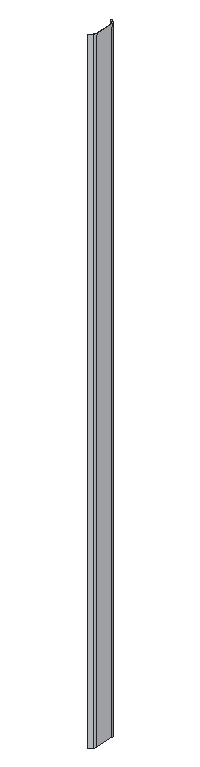
Revit family "SC_SigmaEspecial", category Structural Columns, Revit 2022
Family settings
  Section Shape = Not Defined
  Material for Model Behavior = Steel
  Always export as geometry = No
  Beam cutback in plan = From bounding box
  Cut with Voids When Loaded = No
  Symbolic Representation = From Project Settings
  Shared = No
  Show family pre-cut in plan views = Yes
Parameters (values of type "Sigma 250")
  e = 3 mm
  Structural Material [instance] = ASTM A36
  Assembly Code = ""
  D = 20 mm
  R = 8 mm
Reference planes
  plane 1: y = 0
  plane 2: z = 0
  plane 3: x = 0
Forms (mm)
  Sweep 1, solid
    path origin (0, 0, 0) x (-1, 0, 0) y (0, 0, 1)
      loop
        line (0, 0) -> (0, 2500)
    profile "SigmaEspecial : SigmaEspecial" origin (0, 0, 1250) x (1, 0, 0) y (0, 1, 0)
      loop
        line (-3, 38) -> (-3, 0) -> (-3, -38)
        arc (-3, -38) -> (-3.609, -41.061) -> (-5.343, -43.657) r 8
        line (-5.343, -43.657) -> (-19.485, -57.799) -> (-17.364, -59.92) -> (-3.222, -45.778)
        arc (-3.222, -45.778) -> (-0.837, -42.21) -> (0, -38) r 11
        line (0, -38) -> (0, -0.338) -> (0, 38)
        arc (0, 38) -> (-0.837, 42.21) -> (-3.222, 45.778) r 11
        line (-3.222, 45.778) -> (-17.364, 59.92) -> (-19.485, 57.799) -> (-5.343, 43.657)
        arc (-5.343, 43.657) -> (-3.609, 41.061) -> (-3, 38) r 8
Dimensions and locks
  aligned and locked: level to plane 2
Automatic sketch dimensions
  Sweep 1 sketch curve to level = 0 mm  (x2)
  Sweep 1 sketch curve to plane 3 = 0 mm
